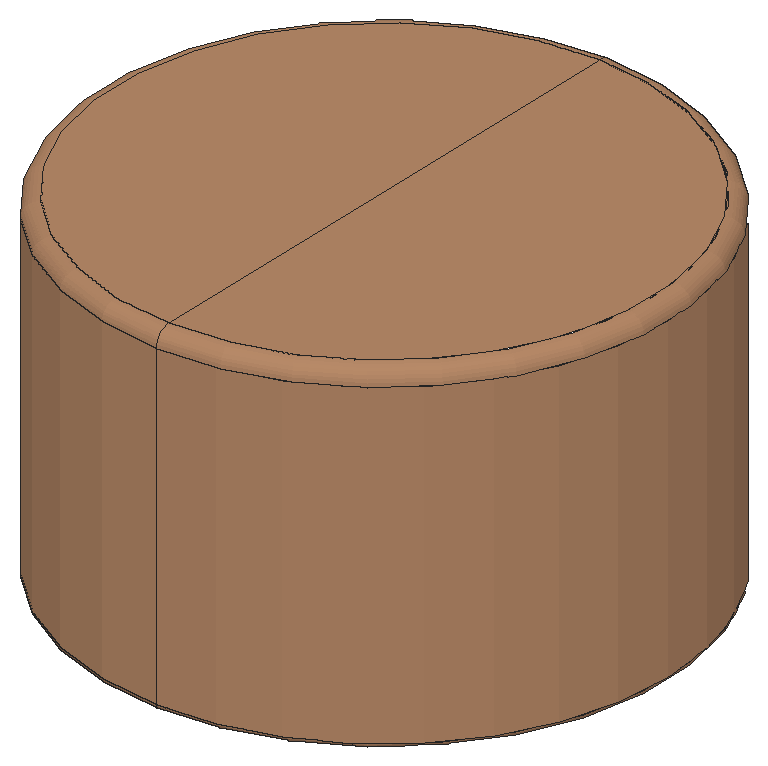
Revit family "Rocking 18in Stool Low", category Generic Models, Revit 2018
Family settings
  Can host rebar = No
  Round Connector Dimension = Use Diameter
  Part Type = Normal
  Work Plane-Based = No
  Always vertical = Yes
  Cut with Voids When Loaded = No
  Shared = No
  Room Calculation Point = No
Parameters
  Fabric = Dot Rocking 18" Stool Low Fabric
Reference planes (in)
  plane 1 "Center (Front/Back)": y = 0
  plane 2: z = 0
  plane 3 "Center (Left/Right)": x = 0
Forms (in)
  Revolve 1, solid, material "Dot-Rocking Base"
    sketch origin (0, 0, 0) x (0, 1, 0) y (0, 0, 1)
      loop
        line (0, 1.27726) -> (-8.21953, 1.27726)
        arc (-8.21953, 1.27726) -> (-8.26128, 1.25997) -> (-8.27857, 1.21822) r 0.05903
        line (-8.27857, 1.21822) -> (-8.27857, 1.02136)
        arc (-8.27857, 1.02136) -> (-8.23821, 0.92392) -> (-8.14077, 0.88356) r 0.1378
        line (-8.14077, 0.88356) -> (-8.00052, 0.88356)
        arc (-8.00052, 0.88356) -> (-4.02458, 0.22156) -> (0, 0) r 36.66376
        line (0, 0) -> (0, 1.27726)
      axis (0, 1.27726) -> (0, 0)
    angle from 0 to 360
  Revolve 2, solid, material "Dot Rocking 18" Stool Low Fabric" <- "Fabric"
    sketch origin (0, 0, 0.78222) x (0, 1, 0) y (0, 0, 1)
      loop
        line (0, 11.24504) -> (-8.52864, 11.24504)
        arc (-8.52864, 11.24504) -> (-8.88214, 11.09861) -> (-9.02856, 10.74511) r 0.49993
        line (-9.02856, 10.74511) -> (-9.02856, 0.62005)
        arc (-9.02856, 0.62005) -> (-8.99195, 0.53165) -> (-8.90355, 0.49504) r 0.12501
        line (-8.90355, 0.49504) -> (0, 0.49504) -> (0, 11.24504)
      axis (0, 11.24504) -> (0, 0.49504)
    angle from 0 to 360
Dimensions and locks (in)
  aligned and locked: plane 2 to level
